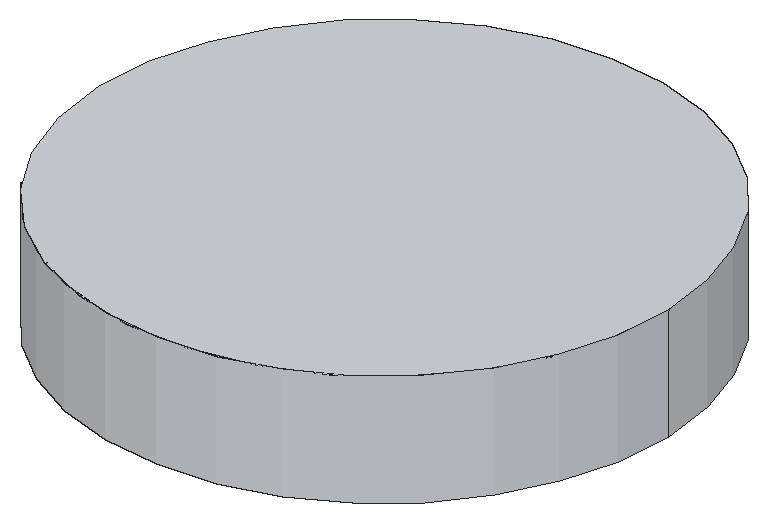
Revit family "110-38", category Plumbing Fixtures, Revit 2015
Parameters (values of type "110-38")
  URL = "http://www.helvex.com.mx/contenido.php?producto=290"
  Type Comments = "Flush Valves"
  Note = "The Feeding Pipe Must Be 1 ¼\" And A 1 ¼\" - 1\" Reductor Must Be Used For Installation"
  Model = "110-38"
  Min. Working Pressure = 14.22 psi
  Max. Working Pressure = 85.34 psi
  Manufacturer = "HELVEX"
  Instructive = "http://www.helvex.com.mx/productos/instructivos/110-38.pdf"
  Features = "Left And Right Installation"
  Documentation = "http://www.helvex.com.mx/productos/fichas/110-38.pdf"
  Description = "Oscilating Handle Flushvalve For 1.25\" Diameter Top Spud"
  Connection = "1\" Feeding Connection"
  Compliance = "NOM-005-CONAGUA-1996"
  Chrome = Brass Chromed
  Certification = "http://www.helvex.com.mx/productos/vistas/110-38.pdf"
  CW Connection = yes
Reference planes (in)
  plane 1 "Center (Front/Back)": y = 0
  plane 2: z = 0
  plane 3 "Center (Left/Right)": x = 0
  plane 4: z = 17
  plane 5: y = -6.5
  plane 6: z = 18.135
Forms (in)
  Extrusion 1, solid
    sketch origin (0, 0, 0) x (1, 0, 0) y (0, 1, 0)
      loop
        circle (0, -6.5) r 0.625
    from 17 to 17.25
Dimensions and locks (in)
  locked: plane 2 to plane 4 at 17
  locked: plane 5 to plane 1 "Center (Front/Back)" at 6.5
  locked: plane 6 to plane 4 at 1.135
  aligned and locked: level to plane 2
Connectors (in)
  piping at (-5.452, 0, 28.47142), diameter 1
    settings: on import instance, index 1, connector inside diameter 24", connector length 0", flow factor 0, pipe flow 0.0 GPM, pressure drop 0.0 psi, fitting loss kfactor 0, connector angle 0.00°, fixture units 0, engagement length 0", angle of deflection 0.00°, flow configuration 0, flow direction 0, fitting loss method 0, system type 7, joint type 0, gender type 0, connector reference index -1, connector utility 0, adjustable connector no, is connector primary yes, connector description ""
  piping at (0, -6.5, 17), diameter 1
    settings: on import instance, index 2, connector inside diameter 24", connector length 0", flow factor 0, pipe flow 0.0 GPM, pressure drop 0.0 psi, fitting loss kfactor 0, connector angle 0.00°, fixture units 0, engagement length 0", angle of deflection 0.00°, flow configuration 0, flow direction 0, fitting loss method 0, system type 7, joint type 0, gender type 0, connector reference index -1, connector utility 0, adjustable connector no, is connector primary no, connector description ""
